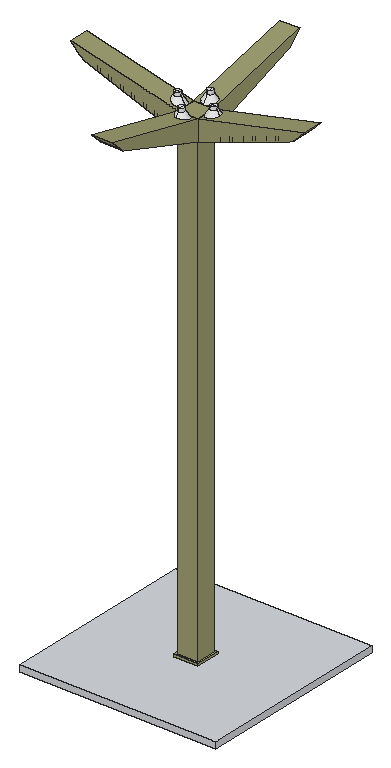
Revit family "KM5-Pole Mount", category Lighting Fixtures, host Face, Revit 2014
Parameters (values of type "KM54")
  Watts = 50 W
  Wattage Comments = "50W"
  Voltage = 120 V
  URL = "https://www.hubbell.com/architecturalarealighting/en"
  Type Comments = "Light Fixture"  # constant formula
  Product Page URL = "https://www.hubbell.com/architecturalarealighting/en/Products/Lighting-Controls/Commercial-Outdoor-Lighting/Decorative-Post-Top/KicK-Mini-Medium/p/1506255"
  Product Documentation Link = "https://hubbellcdn.com/specsheet/aal_km5_spec.pdf"
  Power Factor = 1
  Photometrics Web = Web KM5 : KM5-T4-MO-7050
  Photometric Web Link = "https://www.hubbell.com/architecturalarealighting/en/Products/Lighting-Controls/Commercial-Outdoor-Lighting/Decorative-Post-Top/KicK-Mini-Medium/p/1506255#prod-photometry-section"
  Model Type = "Four fixtures 90º apart"
  Model = "KicK™ Mini Medium"  # constant formula
  Manufacturer = "Architectural Area Lighting"  # constant formula
  Load Classification = Lighting
  Lighting Connector Description = "Lighting Connector"  # constant formula
  Light Distribution = "IES Type II,III,IV"  # constant formula
  Lamp-4 = yes
  Lamp-3 = yes
  Lamp-2 = yes
  Lamp-1 = yes
  Lamp = "LED"
  IP Rating = "IP55"  # constant formula
  Height [instance] = 120.000"
  Glass = Hubbell-Glass
  Finish = Hubbell-Titanium
  Features = "Integral Motion Sensor\r\nwiScape OFM capable\r\nIDA approved\r\n20kV/10kA surge protection\r\nANSI C136.41 receptacle\r\nIES Type II, III and IV distributions\r\n3000K, 4000K, 5000K CCT\r\nIntegral thermal protection\r\n0-10V dimming ready\r\nIP66 optical system\r\n120-277, 347 and 480VAC input\r\nStaggered twin mounting"  # constant formula
  Description = "KM5 brings the performance and features of the full size KicK luminaires into a smaller form factor for architectural pole or building mount applications"  # constant formula
  Default Elevation = 48.000"
  Create Date = "05/16/2019"  # constant formula
  Copyright = "©Architectural Area Lighting a unit of Hubbell Lighting"  # constant formula
  Contact us = "https://www.hubbell.com/architecturalarealighting/en/contactUs?productId=1506255"
  Assembly Code = "D5020280"
  Apparent Load = Watts / Power Factor  # 50 VA
Types (4): name | Wattage Comments | Photometrics Web | Model Type | Lamp-4 | Lamp-3 | Lamp-2 | Lamp-1
  KM51 | 0.000" | Web KM5 : KM5-T2-5040 | "Single fixture" | no | no | no | yes
  KM52 | 0.000" | Web KM5 : KM5-T4-MO-7050 | "Two fixtures 180º apart" | yes | no | yes | no
  KM53 | 0.000" | Web KM5 : KM5-T4-MO-7050 | "Three fixtures 90º apart" | yes | no | yes | yes
  KM54 | "50W" | Web KM5 : KM5-T4-MO-7050 | "Four fixtures 90º apart" | yes | yes | yes | yes
Reference planes (in)
  plane 1 "Center (Front/Back)": y = 0
  plane 2: z = 0
  plane 3 "Center (Left/Right)": x = 0
  plane 4: z = 0.5
  plane 5: y = 3
  plane 6: y = -3
  plane 7: x = -3
  plane 8: x = 3
  plane 9: x = 2.5
  plane 10: x = -2.5
  plane 11: y = 2.5
  plane 12: y = -2.5
  plane 13: z = 120
Forms (in)
  Extrusion 1, solid
    sketch origin (0, 0, 0) x (1, 0, 0) y (0, 1, 0)
      loop
        line (-24, 24) -> (-24, -24) -> (24, -24) -> (24, 24) -> (-24, 24)
    from 0 to -1.5
  Extrusion 2, solid, material "Hubbell-Titanium" <- "Finish"
    sketch origin (0, 0, 0) x (1, 0, 0) y (0, 1, 0)
      loop
        line (-3, 3) -> (-3, -3) -> (3, -3) -> (3, 3) -> (-3, 3)
    from 0 to 0.5
  Extrusion 3, solid, material "Hubbell-Titanium" <- "Finish"
    sketch origin (0, 0, 0) x (1, 0, 0) y (0, 1, 0)
      loop
        line (-2.5, 2.5) -> (-2.5, -2.5) -> (2.5, -2.5) -> (2.5, 2.5) -> (-2.5, 2.5)
    from 0 to 120
Cuts and joins
  joined: Extrusion 2, Extrusion 3
Dimensions and locks (in)
  locked: Extrusion 1 sketch curve to Extrusion 1 sketch curve at 48  (x2)
  equal spacing: Extrusion 1 sketch curve, plane 3 "Center (Left/Right)", Extrusion 1 sketch curve
  equal spacing: Extrusion 1 sketch curve, plane 1 "Center (Front/Back)", Extrusion 1 sketch curve
  plane 3 "Center (Left/Right)" to Extrusion 1 sketch curve = 24.000"
  plane 1 "Center (Front/Back)" to Extrusion 1 sketch curve = 24.000"
  locked: plane 4 to plane 2 at 0.5
  equal spacing: plane 7, plane 3 "Center (Left/Right)", plane 8
  plane 7 to plane 8 = 6.000"
  equal spacing: plane 5, plane 1 "Center (Front/Back)", plane 6
  plane 5 to plane 6 = 6.000"
  plane 5 to plane 11 = 0.500"
  equal spacing: plane 11, plane 1 "Center (Front/Back)", plane 12
  plane 11 to plane 12 = 5.000"
  equal spacing: plane 10, plane 3 "Center (Left/Right)", plane 9
  plane 7 to plane 10 = 0.500"
  "Height": plane 13 to plane 2
  plane 10 to plane 3 "Center (Left/Right)" = 2.500"
  aligned and locked: plane 2 to Extrusion 1
  aligned and locked: level to Extrusion 1
  aligned and locked: Extrusion 2 sketch curve to plane 5
  aligned and locked: plane 7 to Extrusion 2 sketch curve
  aligned and locked: plane 6 to Extrusion 2 sketch curve
  aligned and locked: Extrusion 2 sketch curve to plane 8
  aligned and locked: plane 4 to Extrusion 2
  aligned and locked: Extrusion 3 sketch curve to plane 11
  aligned and locked: plane 10 to Extrusion 3 sketch curve
  aligned and locked: plane 12 to Extrusion 3 sketch curve
  aligned and locked: Extrusion 3 sketch curve to plane 9
  aligned and locked: plane 13 to Extrusion 3
  aligned and locked: nested 3 to plane 1 "Center (Front/Back)"
  aligned and locked: plane 1 "Center (Front/Back)" to nested 2
  aligned and locked: plane 3 "Center (Left/Right)" to nested 1
  aligned and locked: nested 4 to plane 3 "Center (Left/Right)"
  aligned and locked: plane 13 to nested 3
  aligned and locked: plane 13 to nested 2
  aligned and locked: plane 13 to nested 1
  aligned and locked: plane 13 to nested 4
  aligned and locked: nested 3 to nested 8
  aligned and locked: nested 4 to nested 5
  aligned and locked: nested 2 to nested 6
  aligned and locked: nested 1 to nested 7
Nested families (in)
  nested 1: "Side Mounted" at (0, 2.5, 120) x (1, 0, 0) z (0, 1, 0), Glass <- "Glass", Finish <- "Finish", visible <- "Lamp-3", type "Side Mounted"
    with Glass Hubbell-Glass, Finish Hubbell-Titanium
  nested 2: "Side Mounted" at (2.5, 0, 120) x (0, -1, 0) z (1, 0, 0), Finish <- "Finish", Glass <- "Glass", visible <- "Lamp-2", type "Side Mounted"
    with Glass Hubbell-Glass, Finish Hubbell-Titanium
  nested 3: "Side Mounted" at (-2.5, 0, 120) x (0, 1, 0) z (-1, 0, 0), Finish <- "Finish", Glass <- "Glass", visible <- "Lamp-4", type "Side Mounted"
    with Glass Hubbell-Glass, Finish Hubbell-Titanium
  nested 4: "Side Mounted" at (0, -2.5, 120) x (-1, 0, 0) z (0, -1, 0), Finish <- "Finish", Glass <- "Glass", visible <- "Lamp-1", type "Side Mounted"
    with Glass Hubbell-Glass, Finish Hubbell-Titanium
  nested 5: "Web KM5" at (-0.03999, -15.48108, 119.61783) x (0, 0.9412, -0.3379) z (0, -0.3379, -0.9412), visible <- "Lamp-1", type <- "Photometrics Web", type "KM5-T4-MO-7050"
  nested 6: "Web KM5" at (15.5676, -0.03999, 119.6489) x (-0.9412, 0, -0.3379) z (0.3379, 0, -0.9412), visible <- "Lamp-2", type <- "Photometrics Web", type "KM5-T4-MO-7050"
  nested 7: "Web KM5" at (0.03999, 15.32018, 119.56006) x (0, -0.9412, -0.3379) z (0, 0.3379, -0.9412), visible <- "Lamp-3", type <- "Photometrics Web", type "KM5-T4-MO-7050"
  nested 8: "Web KM5" at (-15.50804, 0.03999, 119.62752) x (0.9412, 0, -0.3379) z (-0.3379, 0, -0.9412), visible <- "Lamp-4", type <- "Photometrics Web", type "KM5-T4-MO-7050"
Connectors (in)
  electrical at (0, 0, 0), driven by "Load Classification", driven by "Voltage", driven by "Apparent Load", driven by "Power Factor"
    settings: on cut or joined group of Extrusion 2, Extrusion 3, index 1, voltage 120 V, apparent load 50 VA, apparent load phase1 0 VA, apparent load phase2 0 VA, apparent load phase3 0 VA, power factor 1, load classification "Lighting", number of poles 1, system type 30, power factor state 1, is connector primary yes, connector utility no, sub classification motor no, connector description "Lighting Connector"
Definition of nested family "Side Mounted"
  Parameters (values of type "Side Mounted")
    URL = ""
    Sensor = Hubbell-White
    Product Page URL = ""
    Product Documentation Link = ""
    Model = ""
    Manufacturer Phone = ""
    Manufacturer Fax = ""
    Manufacturer = ""
    Glass [instance] = Hubbell-Glass
    Finish [instance] = none
    Description = ""
    Default Elevation = 48.000"
    Apparent Load = 0 VA
  Reference planes (in)
    plane 1 "Center (Front/Back)": y = 0
    plane 2: z = 0
    plane 3 "Center (Left/Right)": x = 0
    plane 4: x = -2.5
    plane 5: x = 2.5
    plane 6: x = -2.25
    plane 7: x = 2.25
    plane 8: y = 5.2
    plane 9: z = 26.3
    plane 10: y = -6.1
  Forms (in)
    Extrusion 1, solid
      sketch origin (0, 0, 0) x (1, 0, 0) y (0, 1, 0)
        loop
          line (-24, 24) -> (-24, -24) -> (24, -24) -> (24, 24) -> (-24, 24)
      from 0 to -1.5
    Extrusion 2, solid, material <- "Finish"
      sketch origin (0, 0, 0) x (0, 1, 0) y (0, 0, 1)
        loop
          line (0, 0) -> (5.21148, 0) -> (-2.92381, 22.6562)
          arc (-2.92381, 22.6562) -> (-3.30316, 23.35924) -> (-3.82625, 23.96302) r 3.65346
          line (-3.82625, 23.96302) -> (-6.1, 26.3) -> (0, 0)
      from -2.5 to 2.5
    Extrusion 3, void
      sketch origin (0, 0, 0) x (0, 1, 0) y (0, 0, 1)
        loop
          line (4.90851, 0.84375) -> (3.8328, 3.83952) -> (2.28992, 3.83952) -> (3.36562, 0.84375) -> (4.90851, 0.84375)
        loop
          line (-4.33879, 22.3) -> (2.18507, 4.1315) -> (3.72796, 4.1315) -> (-2.7959, 22.3) -> (-4.33879, 22.3)
      from -2.25 to 2.25
    Extrusion 4, solid, material "Hubbell-Glass" <- "Glass"
      sketch origin (0, 0, 0) x (0, 1, 0) y (0, 0, 1)
        loop
          line (-2.96403, 22.3) -> (-3.5597, 22.3) -> (2.69622, 4.1315) -> (3.55983, 4.1315) -> (-2.96403, 22.3)
      from -2.25 to 2.25
    Revolve 5, solid, material "Hubbell-White" <- "Sensor"
      sketch origin (0, 0, 0) x (0, 1, 0) y (0, 0, 1)
        loop
          line (-2.5, 1.1749) -> (-1.80768, 1.1749) -> (0, 0) -> (0, 1.9249) -> (-2.5, 1.9249) -> (-2.5, 1.1749)
        axis (-2.5, 1.9249) -> (0, 1.9249)
      angle from 0 to 360
    Revolve 6, solid, material "Hubbell-White" <- "Sensor"
      sketch origin (0, 0, 0.28125) x (0, 1, 0) y (0, 0, 1)
        loop
          line (3.28062, 2.1749) -> (3.28062, 2.85862) -> (2.31338, 3.21351) -> (2.31338, 2.1749) -> (3.28062, 2.1749)
        axis (2.31338, 2.1749) -> (3.28062, 2.1749)
      angle from 0 to 360
    Revolve 7, solid, material "Hubbell-Glass" <- "Glass"
      sketch origin (0, 0, 0.28125) x (0, 1, 0) y (0, 0, 1)
        loop
          line (3.28062, 2.8573) -> (3.28062, 2.1749) -> (3.51082, 2.1749)
          arc (3.51082, 2.1749) -> (3.43891, 2.53067) -> (3.28062, 2.8573) r 1.44518
        axis (3.28062, 2.1749) -> (3.51082, 2.1749)
      angle from 0 to 360
    Extrusion 8, solid, material "Hubbell-Glass" <- "Glass"
      sketch origin (0, 0, 0) x (0, 1, 0) y (0, 0, 1)
        loop
          line (3.47909, 4.8246) -> (3.43725, 4.94111) -> (1.89436, 4.94111) -> (1.9362, 4.8246) -> (3.47909, 4.8246)
        loop
          line (3.22562, 5.53047) -> (3.18379, 5.64699) -> (1.6409, 5.64699) -> (1.68274, 5.53047) -> (3.22562, 5.53047)
        loop
          line (2.97216, 6.23634) -> (2.93032, 6.35286) -> (1.38744, 6.35286) -> (1.42927, 6.23634) -> (2.97216, 6.23634)
        loop
          line (2.7187, 6.94222) -> (2.67686, 7.05873) -> (1.13398, 7.05873) -> (1.17581, 6.94222) -> (2.7187, 6.94222)
        loop
          line (2.46524, 7.64809) -> (2.4234, 7.76461) -> (0.88051, 7.76461) -> (0.92235, 7.64809) -> (2.46524, 7.64809)
        loop
          line (2.21178, 8.35396) -> (2.16994, 8.47048) -> (0.62705, 8.47048) -> (0.66889, 8.35396) -> (2.21178, 8.35396)
        loop
          line (1.95831, 9.05984) -> (1.91648, 9.17635) -> (0.37359, 9.17635) -> (0.41543, 9.05984) -> (1.95831, 9.05984)
        loop
          line (1.70485, 9.76571) -> (1.66302, 9.88223) -> (0.12013, 9.88223) -> (0.16197, 9.76571) -> (1.70485, 9.76571)
        loop
          line (1.45139, 10.47158) -> (1.40955, 10.5881) -> (-0.13333, 10.5881) -> (-0.0915, 10.47158) -> (1.45139, 10.47158)
        loop
          line (1.19793, 11.17746) -> (1.15609, 11.29397) -> (-0.3868, 11.29397) -> (-0.34496, 11.17746) -> (1.19793, 11.17746)
        loop
          line (0.94447, 11.88333) -> (0.90263, 11.99985) -> (-0.64026, 11.99985) -> (-0.59842, 11.88333) -> (0.94447, 11.88333)
        loop
          line (0.69101, 12.5892) -> (0.64917, 12.70572) -> (-0.89372, 12.70572) -> (-0.85188, 12.5892) -> (0.69101, 12.5892)
        loop
          line (0.43754, 13.29508) -> (0.39571, 13.41159) -> (-1.14718, 13.41159) -> (-1.10534, 13.29508) -> (0.43754, 13.29508)
        loop
          line (0.18408, 14.00095) -> (0.14224, 14.11747) -> (-1.40064, 14.11747) -> (-1.35881, 14.00095) -> (0.18408, 14.00095)
        loop
          line (-0.06938, 14.70682) -> (-0.11122, 14.82334) -> (-1.65411, 14.82334) -> (-1.61227, 14.70682) -> (-0.06938, 14.70682)
        loop
          line (-0.32284, 15.4127) -> (-0.36468, 15.52921) -> (-1.90757, 15.52921) -> (-1.86573, 15.4127) -> (-0.32284, 15.4127)
        loop
          line (-0.5763, 16.11857) -> (-0.61814, 16.23509) -> (-2.16103, 16.23509) -> (-2.11919, 16.11857) -> (-0.5763, 16.11857)
        loop
          line (-0.82977, 16.82444) -> (-0.8716, 16.94096) -> (-2.41449, 16.94096) -> (-2.37265, 16.82444) -> (-0.82977, 16.82444)
        loop
          line (-1.08323, 17.53032) -> (-1.12507, 17.64683) -> (-2.66795, 17.64683) -> (-2.62612, 17.53032) -> (-1.08323, 17.53032)
        loop
          line (-1.33669, 18.23619) -> (-1.37853, 18.35271) -> (-2.92142, 18.35271) -> (-2.87958, 18.23619) -> (-1.33669, 18.23619)
        loop
          line (-1.59015, 18.94206) -> (-1.63199, 19.05858) -> (-3.17488, 19.05858) -> (-3.13304, 18.94206) -> (-1.59015, 18.94206)
        loop
          line (-1.84361, 19.64794) -> (-1.88545, 19.76445) -> (-3.42834, 19.76445) -> (-3.3865, 19.64794) -> (-1.84361, 19.64794)
        loop
          line (-2.09708, 20.35381) -> (-2.13891, 20.47032) -> (-3.6818, 20.47032) -> (-3.63996, 20.35381) -> (-2.09708, 20.35381)
        loop
          line (-2.35054, 21.05968) -> (-2.39237, 21.1762) -> (-3.93526, 21.1762) -> (-3.89342, 21.05968) -> (-2.35054, 21.05968)
      from -2.25 to 2.25
  Cuts and joins
    Extrusion 3 cuts Extrusion 2
  Dimensions and locks (in)
    locked: Extrusion 1 sketch curve to Extrusion 1 sketch curve at 48  (x2)
    equal spacing: Extrusion 1 sketch curve, plane 3 "Center (Left/Right)", Extrusion 1 sketch curve
    equal spacing: Extrusion 1 sketch curve, plane 1 "Center (Front/Back)", Extrusion 1 sketch curve
    plane 3 "Center (Left/Right)" to Extrusion 1 sketch curve = 24.000"
    plane 1 "Center (Front/Back)" to Extrusion 1 sketch curve = 24.000"
    equal spacing: plane 5, plane 3 "Center (Left/Right)", plane 4
    locked: plane 5 to plane 4 at 5
    equal spacing: plane 7, plane 3 "Center (Left/Right)", plane 6
    locked: plane 6 to plane 4 at 0.25
    plane 8 to plane 1 "Center (Front/Back)" = 5.200"
    plane 9 to plane 2 = 26.300"
    plane 1 "Center (Front/Back)" to plane 10 = 6.100"
    plane 5 to plane 7 = 0.250"
    aligned and locked: plane 2 to Extrusion 1
    aligned and locked: level to Extrusion 1
    aligned and locked: plane 1 "Center (Front/Back)" to Extrusion 2 sketch curve
    aligned and locked: plane 2 to Extrusion 2 sketch curve
    aligned and locked: Extrusion 2 to plane 4
    aligned and locked: Extrusion 2 to plane 5
    aligned and locked: Extrusion 4 to plane 6
    aligned and locked: plane 7 to Extrusion 4
    aligned and locked: Extrusion 3 to plane 6
    aligned and locked: plane 7 to Extrusion 3
    aligned and locked: cut or joined group of Extrusion 2, Extrusion 3 to Extrusion 8  (x2)
  Automatic sketch dimensions
    Revolve 5 sketch curve to plane 1 "Center (Front/Back)" = 0.000"
    Revolve 5 sketch curve to level = 0.000"
    plane 1 "Center (Front/Back)" to Revolve 5 sketch curve = 1.80768"
    Revolve 5 sketch curve to Revolve 5 sketch curve = 0.69232"
    Revolve 5 sketch curve to Revolve 5 sketch curve = 0.000"  (x2)
    Revolve 5 sketch curve to Revolve 5 sketch curve = 1.750"
    level to Revolve 5 sketch curve = 1.1749"
    Revolve 5 sketch curve to Revolve 5 sketch curve = 1.9249"
    Revolve 6 sketch curve to plane 1 "Center (Front/Back)" = 2.31338"
    level to Revolve 6 sketch curve = 2.45615"  (x2)
    Revolve 6 sketch curve to Revolve 6 sketch curve = 0.96724"
    plane 1 "Center (Front/Back)" to Revolve 6 sketch curve = 2.500"
    Revolve 6 sketch curve to plane 8 = 1.400"
    Revolve 6 sketch curve to Revolve 6 sketch curve = 0.68373"
    Revolve 6 sketch curve to Revolve 6 sketch curve = 0.35489"
    plane 10 to Extrusion 2 sketch curve = 2.27375"
    Extrusion 2 sketch curve to plane 9 = 3.6438"
    Extrusion 2 sketch curve to plane 9 = 0.000"
    plane 10 to Extrusion 2 sketch curve = 0.000"
    Extrusion 2 sketch curve to Extrusion 2 sketch curve = 0.90245"
    Extrusion 2 sketch curve to plane 8 = 0.01148"
    Extrusion 2 sketch curve to plane 10 = 0.20946"
    Extrusion 2 sketch curve to Extrusion 2 sketch curve = 1.30682"
    plane 1 "Center (Front/Back)" to Extrusion 4 sketch curve = 2.96403"
    plane 8 to Extrusion 4 sketch curve = 1.64017"
    level to Extrusion 4 sketch curve = 4.1315"
    Extrusion 4 sketch curve to Extrusion 4 sketch curve = 0.59567"
    Extrusion 4 sketch curve to Extrusion 4 sketch curve = 0.86362"
    Extrusion 4 sketch curve to plane 9 = 4.000"
    plane 1 "Center (Front/Back)" to Extrusion 3 sketch curve = 2.7959"
    plane 8 to Extrusion 3 sketch curve = 0.29149"
    level to Extrusion 3 sketch curve = 0.84375"
    Extrusion 3 sketch curve to plane 1 "Center (Front/Back)" = 2.28992"
    Extrusion 3 sketch curve to Extrusion 3 sketch curve = 1.54289"
    plane 8 to Extrusion 3 sketch curve = 1.47204"
    Extrusion 3 sketch curve to Extrusion 3 sketch curve = 0.10484"  (x2)
    plane 10 to Extrusion 3 sketch curve = 1.76121"
    Extrusion 3 sketch curve to Extrusion 3 sketch curve = 2.99577"
    Extrusion 3 sketch curve to Extrusion 3 sketch curve = 0.29198"
    Extrusion 3 sketch curve to plane 9 = 4.000"
    plane 8 to Revolve 7 sketch curve = 1.91938"
    level to Revolve 7 sketch curve = 2.45615"  (x2)
    Revolve 7 sketch curve to Revolve 7 sketch curve = 0.43418"
    Revolve 7 sketch curve to Revolve 7 sketch curve = 0.23019"
    Revolve 7 sketch curve to plane 8 = 1.30372"
    Revolve 7 sketch curve to Revolve 7 sketch curve = 1.21108"
    Revolve 7 sketch curve to Revolve 7 sketch curve = 0.10615"
    plane 10 to Extrusion 8 sketch curve = 2.16474"
    Extrusion 8 sketch curve to Extrusion 8 sketch curve = 0.04184"  (x46)
    Extrusion 8 sketch curve to Extrusion 8 sketch curve = 0.21162"  (x37)
    Extrusion 8 sketch curve to Extrusion 8 sketch curve = 1.28943"
    plane 1 "Center (Front/Back)" to Extrusion 8 sketch curve = 0.61814"
    plane 1 "Center (Front/Back)" to Extrusion 8 sketch curve = 0.3868"
    plane 1 "Center (Front/Back)" to Extrusion 8 sketch curve = 0.36468"
    plane 1 "Center (Front/Back)" to Extrusion 8 sketch curve = 0.13333"
    plane 1 "Center (Front/Back)" to Extrusion 8 sketch curve = 0.11122"
    plane 1 "Center (Front/Back)" to Extrusion 8 sketch curve = 0.0915"
    plane 1 "Center (Front/Back)" to Extrusion 8 sketch curve = 0.06938"
    Extrusion 8 sketch curve to plane 1 "Center (Front/Back)" = 0.12013"
    Extrusion 8 sketch curve to plane 1 "Center (Front/Back)" = 0.14224"
    Extrusion 8 sketch curve to plane 1 "Center (Front/Back)" = 0.37359"
    Extrusion 8 sketch curve to plane 1 "Center (Front/Back)" = 0.39571"
    level to Extrusion 8 sketch curve = 4.8246"
    Extrusion 8 sketch curve to Extrusion 8 sketch curve = 0.11651"  (x24)
    Extrusion 8 sketch curve to Extrusion 8 sketch curve = 0.58936"  (x23)
Definition of nested family "Web KM5"
  Parameters (values of type "KM5-T2-5050")
    Watts = 50 W
    Wattage Comments = ""
    Wattage = 50 W
    built-in parameter 1150110 = 1 (stored number, unit not read)
    URL = ""
    built-in parameter 1114217 = 1 (stored number, unit not read)
    Tilt Angle = -90.00°
    built-in parameter 1150109 = 1 (stored number, unit not read)
    built-in parameter 1150134 = 2
    built-in parameter 1150113 = 1 (stored number, unit not read)
    Product Page URL = ""
    Product Documentation Link = ""
    Photometric Web Notes = "More files Download Photometric Web Link"  # constant formula
    Photometric Web Link = "http://www.aal.net/products/kick_mini_medium"
    Photometric Web File = "KM5-T2-5050.IES"
    Model = ""
    Manufacturer Phone = ""
    Manufacturer Fax = ""
    Manufacturer = ""  # constant formula
    built-in parameter 1150105 = 445.63 (stored number, unit not read)
    Lumens = 5600 lm
    built-in parameter 1150115 = 1 (stored number, unit not read)
    built-in parameter 1150137 = (empty or 0)
    built-in parameter 1150139 = (empty or 0)
    built-in parameter 1150112 = 1 (stored number, unit not read)
    built-in parameter 1150114 = 1 (stored number, unit not read)
    Lamp = "LED"
    built-in parameter 1150132 = (empty or 0)
    built-in parameter 1150102 = (empty or 0)
    built-in parameter 1150107 = 5000 (stored number, unit not read)
    built-in parameter 1150138 = (empty or 0)
    built-in parameter 1150106 = 4.4563 (stored number, unit not read)
    Emit from Rectangle Width = 4.500"  # constant formula
    Emit from Rectangle Length = 19.000"  # constant formula
    Emit Shape Visible in Rendering = no
    built-in parameter 1150104 = 10.405 (stored number, unit not read)
    Dimming Lamp Color Temperature Shift = (empty or 0)
    Description = ""
    Default Elevation = 48.000"
    Color Filter = 16777215
    built-in parameter 1114218 = 1 (stored number, unit not read)
    built-in parameter 1150133 = 10 (stored number, unit not read)
    Apparent Load = 0 VA
  Types (6): name | Watts | Wattage | built-in parameter 1150134 | Photometric Web File | built-in parameter 1150105 | Lumens | built-in parameter 1150107 | built-in parameter 1150106 | built-in parameter 1150104
    KM5-T2-5050 | 50 W | 50 W | 2 | "KM5-T2-5050.IES" | 445.63 (stored number, unit not read) | 5600 lm | 5000 (stored number, unit not read) | 4.4563 (stored number, unit not read) | 10.405 (stored number, unit not read)
    KM5-T3-5040 | 50 W | 50 W | 12 | "KM5-T3-5040.ies" | 465.53 (stored number, unit not read) | 5850 lm | 4000 (stored number, unit not read) | 4.6553 (stored number, unit not read) | 10.87 (stored number, unit not read)
    KM5-T4-7040 | 70 W | 70 W | 12 | "KM5-T4-7040.ies" | 629.46 (stored number, unit not read) | 7910 lm | 4000 (stored number, unit not read) | 6.2946 (stored number, unit not read) | 10.498 (stored number, unit not read)
    KM5-T4-MO-7050 | 70 W | 70 W | 2 | "KM5-T4-MO-7050.IES" | 629.46 (stored number, unit not read) | 7910 lm | 5000 (stored number, unit not read) | 6.2946 (stored number, unit not read) | 10.498 (stored number, unit not read)
    KM5-T2-5040 | 50 W | 50 W | 12 | "KM5-T2-5040.ies" | 1605.5 (stored number, unit not read) | 5650 lm | 4000 (stored number, unit not read) | 16.055 (stored number, unit not read) | 10.498 (stored number, unit not read)
    KM5-T3-MO-5040 | 50 W | 50 W | 12 | "KM5-T3-MO-5040.ies" | 465.53 (stored number, unit not read) | 5850 lm | 4000 (stored number, unit not read) | 4.6553 (stored number, unit not read) | 10.87 (stored number, unit not read)
  Reference planes (in)
    plane 1 "Center (Front/Back)": y = 0.03999
    plane 2: z = 0
    plane 3 "Center (Left/Right)": x = -0.23896
  Forms (in)
    Extrusion 1, solid
      sketch origin (0, 0, 0.06357) x (1, 0, 0) y (0, 1, 0)
        loop
          line (-48, 48) -> (-48, -48) -> (48, -48) -> (48, 48) -> (-48, 48)
      from -0.06357 to -13.79058
  Lines and regions (in)
    reference lines
      curve 1: line (-0.23896, 0.03999, 18.11448) -> (-0.23896, 0.03999, -22.88552)
      curve 2: line (-0.23896, 0.03999, 34) -> (-0.23896, 0.03999, -22.88552)
  Dimensions and locks (in)
    aligned and locked: plane 2 to Extrusion 1
    aligned and locked: level to Extrusion 1
    aligned and locked: Extrusion 1 to imposter light
    aligned and locked: plane 3 "Center (Left/Right)" to imposter light
    aligned and locked: imposter light to plane 1 "Center (Front/Back)"
    aligned and locked: curve 1 to plane 3 "Center (Left/Right)"
    aligned and locked: plane 1 "Center (Front/Back)" to curve 2
